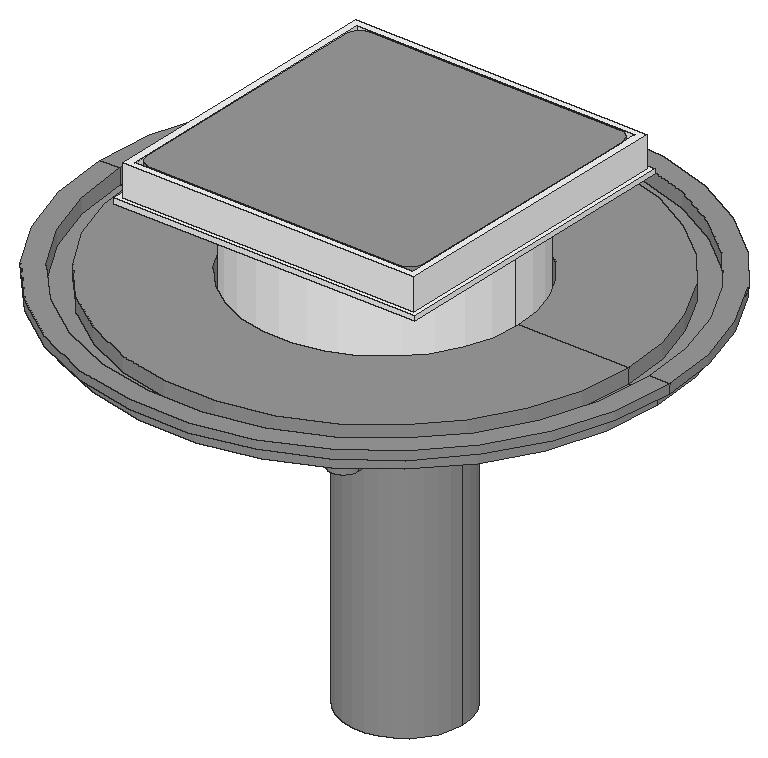
Revit family "HL_Трап для балконов и террас_HL92", category Instalační zařizovací předměty, Revit 2016
Family settings
  Typ součásti = Normální
  Kóta kulaté spojky = Použít průměr
  Číslo OmniClass = 23.70.50.21.24.14
  Nadpis OmniClass = Deck Waste Water Drains
  Založené na pracovní rovině = Ne
  Vždy vertikální = Ano
  Ořezat dutým tvarem při načtení = Ne
  Sdílené = Ne
  Bod výpočtu místnosti = Ano
Parameters (values of type "HL_Трап для балконов и террас_HL92")
  РЕШЁТКА = "Edelstahl 94x94mm"
  РАЗМЕР = "DN40"
  ПРОПУСКНАЯ СПОСОБНОСТЬ [instance] = 0.0 L/s
  ПРОИЗВОДИТЕЛЬНОСТЬ = "0,5 l/s"
  ПРАВОВАЯ ИНФОРМАЦИЯ = "\"Авторские права(©), права на дизайн или какие либо другие права интелектуальной собственности являются исключительной собственностью компании HL Hutterer & Lechner. Изменению не подлежит. Файл семейства с данными о прозводителе изделия защищен паролем с водяным знаком.\""
  НОМИНАЛЬНЫЙ ДИАМЕТР = 40 mm
  НАСАДКА = "12-38mm/100x100mm"
  МАТЕРИАЛ = "PE"
  МАКСИМАЛЬНАЯ НАГРУЗКА КЛАССА = "K3 -300kg"
  ВЫСОТА МОНТАЖА = "52mm"
  ВЕС = "0,31 kg"
  Výrobce = "HL Hutterer & Lechner GmbH"
  URL = "http://www.hutterer-lechner.com/ru/products/catalog/roof-drains/HL92.aspx"
  Материал плитка [instance] = none
  Připojení ventilace = no
  Připojení odpadu = yes
  Připojení HW = no
  Připojení CW = no
  Popis = "Трап для балконов и террас"
  Model = "HL92"
  Assembly Code = " "
  Komentáře k typům = "Трап для балконов и террасс DN40 вертикальный 100х100мм/94х94мм"
  Keynote = "HL92"
  Высота монтажа 2 [instance] = 0 mm
  Высота монтажа 1 [instance] = 38 mm
  IH [instance] = Высота монтажа 1 + Высота монтажа 2  # 38 mm
  Угол установки = 0.00°
  G [instance] = if(Угол установки = 0.00°, 180.00°, 90.00°)  # 180.00°
  F [instance] = if(and(Угол установки = 0.00°, НОМИНАЛЬНЫЙ ДИАМЕТР = 40 mm), 7 mm, 12 mm)  # 7 mm
  EAN = "9003076700929"
  D [instance] = 94 mm  # constant formula
  C [instance] = if(IH - 68 mm < 0 mm, 0 mm, IH - 68 mm)  # 0 mm
  B [instance] = IH + 36 mm  # 74 mm
  A [instance] = if(B - 100 mm > 15 mm, B - 100 mm, 15 mm)  # 15 mm
Reference planes
  plane 1 "Center (Front/Back)": y = 0
  plane 2: z = 0
  plane 3 "Center (Left/Right)": x = 0
  plane 4: z = -74
  plane 5: z = -38
  plane 6: x = 7
  plane 7: z = -38
Lines and regions (mm)
  model lines, style "InvisibleLines"
    curve 1: line (0, 0, 0) -> (0, 0, 20)
  model lines, style "PlumbingFixtures", not visible, detail levels coarse+medium
    curve 2: line (0, 0, -74) -> (0, 0, -59)
  model lines, style "PlumbingFixtures", detail levels coarse+medium
    curve 3: line (0, 0, -59) -> (-59, 0, 0)
    curve 4: line (0, 0, -59) -> (59, 0, 0)
    curve 6: line (7, 0, -74) -> (7, 0, -168)
    curve 23: line (0, 0, -74) -> (0, 0, -59)
    curve 24: line (7, 0, -74) -> (0, 0, -74)
  reference lines, not visible
    curve 5: line (7, 0, -74) -> (7, 0, -168)
  symbolic lines, style "PlumbingFixtures", detail levels coarse+medium
    curve 7: line (-75, 75, 0) -> (75, 75, 0)
    curve 8: line (-75, -75, 0) -> (-75, 75, 0)
    curve 9: line (75, -75, 0) -> (-75, -75, 0)
    curve 10: line (75, 75, 0) -> (75, -75, 0)
    curve 11: line (-75, 75, 0) -> (-145.711, 145.711, 0)
    curve 12: line (75, 75, 0) -> (145.711, 145.711, 0)
    curve 13: line (-75, -75, 0) -> (-145.711, -145.711, 0)
    curve 14: line (75, -75, 0) -> (145.711, -145.711, 0)
  symbolic lines, style "PlumbingFixtures", not visible, detail levels coarse+medium
    curve 15: line (-75, 75, 0) -> (75, 75, 0)
    curve 16: line (-75, -75, 0) -> (-75, 75, 0)
    curve 17: line (75, -75, 0) -> (-75, -75, 0)
    curve 18: line (75, 75, 0) -> (75, -75, 0)
    curve 19: line (-75, 75, 0) -> (-145.711, 145.711, 0)
    curve 20: line (75, 75, 0) -> (145.711, 145.711, 0)
    curve 21: line (-75, -75, 0) -> (-145.711, -145.711, 0)
    curve 22: line (75, -75, 0) -> (145.711, -145.711, 0)
Text (mm)
  text "FLOOR" at (-162.344, 0, -10.979), in view "вид строительства"
Dimensions and locks
  "B": plane 2 to plane 4
  "IH": plane 2 to plane 5
  "A": curve 4 to plane 4
  "D": curve 5 to curve 5
  "D": curve 6 to curve 6
  "F": plane 6 to plane 3 "Center (Left/Right)"
  "Высота монтажа 1": plane 2 to plane 7
  locked: curve 4 to plane 3 "Center (Left/Right)" (angle 45.00°)
  locked: plane 3 "Center (Left/Right)" to curve 3 (angle 45.00°)
  "G": angle curve 5 to plane 3 "Center (Left/Right)"
  aligned and locked: level to plane 2
  aligned and locked: plane 2 to curve 4
  aligned and locked: plane 2 to curve 3
  aligned and locked: plane 4 to curve 2
  aligned and locked: plane 4 to curve 5
  aligned and locked: plane 6 to curve 5
  aligned and locked: curve 6 to curve 5
  aligned and locked: plane 3 "Center (Left/Right)" to nested 2
  aligned and locked: plane 2 to nested 2
  aligned and locked: plane 3 "Center (Left/Right)" to nested 3
  aligned and locked: nested 1 to plane 5
  aligned and locked: plane 3 "Center (Left/Right)" to nested 1
  aligned and locked: plane 3 "Center (Left/Right)" to nested 4
  aligned and locked: plane 2 to nested 4
Automatic sketch dimensions
  curve 2 to plane 3 "Center (Left/Right)" = 0 mm
  curve 1 to plane 3 "Center (Left/Right)" = 0 mm
  curve 24 to plane 6 = 0 mm
  curve 1 to level = 0 mm
  level to curve 1 = 20 mm
  curve 6 to curve 5 = 0 mm
Nested families
  nested 1: "HL-Корпус трапа-HL92" at (7, 0, -38) x (-1, 0, 0) z (0, 0, 1), type "HL-Корпус трапа-HL92"
    with Высота монтажа 0 mm, DN 40 mm
  nested 2: "HL-Решетка для сливного отверстия-HL080.1E" at (0, 0, 0), type "HL-Решетка для сливного отверстия-HL080.1E"
  nested 3: "HL-Песколовка-HL091.3E" at (0, 0, -6.5), type "HL-Песколовка-HL091.3E"
  nested 4: "HL-Насадные подрамники-HL091.2E" at (0, 0, 0), Высота монтажа <- "Высота монтажа 1", type "HL-Насадные подрамники-HL091.2E"
    with Высота монтажа 38 mm
Connectors
  piping at (7, 0, -168), diameter 40, driven by "ПРОПУСКНАЯ СПОСОБНОСТЬ", driven by "НОМИНАЛЬНЫЙ ДИАМЕТР"
    settings: on curve 5, index 1, connector inside diameter 609.6 mm, connector length 0 mm, flow factor 0, pipe flow 0.0 L/s, pressure drop 0.0 Pa, fitting loss kfactor 0, connector angle 0.00°, fixture units 0, engagement length 0 mm, angle of deflection 0.00°, flow configuration 1, flow direction 2, fitting loss method 0, system type 16, joint type 0, gender type 0, connector reference index -1, connector utility 0, adjustable connector yes, is connector primary yes, connector description ""
Definition of nested family "HL-Корпус трапа-HL92"
  Parameters (values of type "HL-Корпус трапа-HL92")
    РЕШЁТКА = "Edelstahl 94x94mm"
    РАЗМЕР = "DN40"
    ПРОИЗВОДИТЕЛЬНОСТЬ = "0,5 l/s"
    ПРАВОВАЯ ИНФОРМАЦИЯ = "\"Авторские права(©), права на дизайн или какие либо другие права интелектуальной собственности являются исключительной собственностью компании HL Hutterer & Lechner. Изменению не подлежит. Файл семейства с данными о прозводителе изделия защищен паролем с водяным знаком.\""
    НАСАДКА = "12-38mm/100x100mm"
    МАТЕРИАЛ = "PE"
    МАКСИМАЛЬНАЯ НАГРУЗКА КЛАССА = "K3 -300kg"
    ВЫСОТА МОНТАЖА = "52mm"
    ВЕС = "0,31 kg"
    Manufacturer = "HL Hutterer & Lechner GmbH"
    URL = "http://www.hutterer-lechner.com/ru/products/catalog/roof-drains/HL92.aspx"
    Description = "Корпус трапа"
    Model = "HL92"
    Материал = none
    материал 2 = none
    Type Comments = "Трап для балконов и террасс DN40 вертикальный 100х100мм/94х94мм"
    Keynote = "HL92"
    Высота монтажа [instance] = 0 mm
    EAN = "9003076700929"
    DN [instance] = 40 mm
    Cost = 0
  Reference planes
    plane 1 "Střed (vpředu/vzadu)": y = 0
    plane 2: z = 0
    plane 3 "Střed (vlevo/vpravo)": x = 0
    plane 4: x = 7
  Forms (mm)
    Revolve 1, solid, material <- "Материал", detail levels fine
      sketch origin (0, 0, 0) x (1, 0, 0) y (0, 0, 1)
        loop
          line (-39.242, 0) -> (-77.026, 0) -> (-77.026, -5) -> (-84.111, -5) -> (-84.111, 0) -> (-91.029, 0) -> (-91.029, -3) -> (-87.012, -3) -> (-87.012, -8) -> (-73.958, -8) -> (-73.958, -3) -> (-67.148, -3) -> (-67.148, -5.975) -> (-64.692, -5.975) -> (-64.692, -3) -> (-41.523, -3) -> (-41.523, -26.009)
          arc (-41.523, -26.009) -> (-38.597, -33.074) -> (-31.532, -36) r 9.991
          line (-31.532, -36) -> (6.977, -36) -> (6.977, -34) -> (-31.133, -34)
          arc (-31.133, -34) -> (-36.867, -31.625) -> (-39.242, -25.891) r 8.109
          line (-39.242, -25.891) -> (-39.242, 0)
        axis (6.977, 0) -> (6.977, -36)
      angle from 0 to 360
    Extrusion 2, solid, material <- "Материал", detail levels fine
      sketch origin (0, 0, 0) x (1, 0, 0) y (0, 1, 0)
        loop
          circle (0, 0) r 20
      from -130 to -34
    Extrusion 3, solid, material <- "Материал", detail levels fine
      sketch origin (0, 0, 0) x (1, 0, 0) y (0, 1, 0)
        loop
          circle (-66, 0) r 5
        loop
          circle (43.5, 63.22) r 5
        loop
          circle (43.5, -63.22) r 5
        loop
          circle (-29.5, -63.22) r 5
        loop
          circle (-29.5, 63.22) r 5
        loop
          circle (80, 0) r 5
      from -19.017 to -3
  Cuts and joins
    joined: Revolve 1, Extrusion 2, Extrusion 3
  Dimensions and locks
    Revolve 1 sketch curve to Revolve 1 sketch curve = 48.5 mm
    locked: plane 2 to Extrusion 2 at 130
    Extrusion 3 sketch curve to plane 4 = 73 mm
    plane 4 to plane 3 "Střed (vlevo/vpravo)" = 7 mm
    Revolve 1 sketch curve to plane 3 "Střed (vlevo/vpravo)" = 91.029 mm
    "DN": diameter of Extrusion 2 sketch curve
    aligned and locked: level to plane 2
    aligned and locked: Revolve 1 sketch curve to Revolve 1 sketch curve
  Automatic sketch dimensions
    plane 1 "Střed (vpředu/vzadu)" to Extrusion 3 sketch curve = 0 mm  (x2)
    Extrusion 3 sketch curve to plane 3 "Střed (vlevo/vpravo)" = 29.5 mm  (x2)
    plane 4 to Extrusion 3 sketch curve = 36.5 mm  (x2)
    Extrusion 3 sketch curve to Extrusion 3 sketch curve = 36.5 mm
    plane 1 "Střed (vpředu/vzadu)" to Extrusion 3 sketch curve = 63.22 mm  (x2)
    Extrusion 3 sketch curve to plane 1 "Střed (vpředu/vzadu)" = 63.22 mm  (x2)
    Revolve 1 sketch curve to level = 0 mm  (x2)
    Revolve 1 sketch curve to level = 3 mm  (x2)
    Revolve 1 sketch curve to Revolve 1 sketch curve = 4.017 mm
    Revolve 1 sketch curve to Revolve 1 sketch curve = 2.901 mm
    Revolve 1 sketch curve to Revolve 1 sketch curve = 7.085 mm
    Revolve 1 sketch curve to Revolve 1 sketch curve = 3.068 mm
    Revolve 1 sketch curve to Revolve 1 sketch curve = 6.81 mm
    Revolve 1 sketch curve to Revolve 1 sketch curve = 2.456 mm
    Revolve 1 sketch curve to Revolve 1 sketch curve = 23.169 mm
    Revolve 1 sketch curve to Revolve 1 sketch curve = 2.282 mm
    Revolve 1 sketch curve to Revolve 1 sketch curve = 7.71 mm
    Revolve 1 sketch curve to Revolve 1 sketch curve = 0.399 mm
    Revolve 1 sketch curve to Revolve 1 sketch curve = 0 mm
    Revolve 1 sketch curve to Revolve 1 sketch curve = 2 mm
    Revolve 1 sketch curve to Revolve 1 sketch curve = 2.975 mm
    Revolve 1 sketch curve to Revolve 1 sketch curve = 3 mm
    Revolve 1 sketch curve to Revolve 1 sketch curve = 22.891 mm
    Revolve 1 sketch curve to Revolve 1 sketch curve = 0.117 mm
    Revolve 1 sketch curve to level = 11.685 mm
    Revolve 1 sketch curve to Revolve 1 sketch curve = 10 mm
    plane 1 "Střed (vpředu/vzadu)" to Extrusion 2 sketch curve = 0 mm
    Extrusion 2 sketch curve to plane 3 "Střed (vlevo/vpravo)" = 0 mm
    radius of Extrusion 3 sketch curve = 5 mm  (x6)
Definition of nested family "HL-Решетка для сливного отверстия-HL080.1E"
  Parameters (values of type "HL-Решетка для сливного отверстия-HL080.1E")
    РАЗМЕР = "94x94 mm"
    ПРАВОВАЯ ИНФОРМАЦИЯ = "\"Авторские права(©), права на дизайн или какие либо другие права интелектуальной собственности являются исключительной собственностью компании HL Hutterer & Lechner. Изменению не подлежит. Файл семейства с данными о прозводителе изделия защищен паролем с водяным знаком.\""
    МАТЕРИАЛ = "Edelstahl"
    МАКСИМАЛЬНАЯ НАГРУЗКА КЛАССА = "K3 - 300 kg"
    ВЕС = "0,106 kg"
    Manufacturer = "HL Hutterer & Lechner GmbH"
    URL = "http://www.hutterer-lechner.com/ru/products/catalog/roof-drains/HL080.1E.aspx"
    Description = "Решетка для сливного отверстия"
    Model = "HL080.1E"
    Материал = none
    Type Comments = "Решетка для сливного отверстия из высококачественной стали 94х94мм"
    Keynote = "HL080.1E"
    Высота монтажа [instance] = 0 mm
    EAN = "9003076008018"
    Cost = 0
  Reference planes
    plane 1 "Střed (vpředu/vzadu)": y = 0
    plane 2: z = 0
    plane 3 "Střed (vlevo/vpravo)": x = 0
  Forms (mm)
    Extrusion 1, solid, material <- "Материал", detail levels fine
      sketch origin (0, 0, 0) x (1, 0, 0) y (0, 1, 0)
        loop
          arc (-42.5, 47.5) -> (-46.036, 46.036) -> (-47.5, 42.5) r 5
          line (-47.5, 42.5) -> (-47.5, -42.5)
          arc (-47.5, -42.5) -> (-46.036, -46.036) -> (-42.5, -47.5) r 5
          line (-42.5, -47.5) -> (42.5, -47.5)
          arc (42.5, -47.5) -> (46.036, -46.036) -> (47.5, -42.5) r 5
          line (47.5, -42.5) -> (47.5, 42.5)
          arc (47.5, 42.5) -> (46.036, 46.036) -> (42.5, 47.5) r 5
          line (42.5, 47.5) -> (-42.5, 47.5)
      from 0 to -5
  Lines and regions (mm)
    model lines, detail levels fine
      curve 1: line (-24.395, 30.759, 0) -> (-8.839, 15.203, 0)
      curve 2: line (-3.889, 20.153, 0) -> (-19.445, 35.709, 0)
      curve 3: line (-3.5, 33.5, 0) -> (-3.5, 29.49, 0)
      curve 4: line (3.5, 29.49, 0) -> (3.5, 33.5, 0)
      curve 5: line (-15.203, 8.839, 0) -> (-30.759, 24.395, 0)
      curve 6: line (-35.684, 19.471, 0) -> (-20.127, 3.914, 0)
      curve 7: arc (-20.127, 3.914, 0) -> (-15.203, 3.914, 0) -> (-15.203, 8.839, 0) r 3.482
      curve 8: arc (-35.684, 19.471, 0) -> (-35.684, 24.395, 0) -> (-30.759, 24.395, 0) r 3.482
      curve 9: arc (-8.839, 15.203, 0) -> (-3.889, 15.203, 0) -> (-3.889, 20.153, 0) r 3.5
      curve 10: arc (-24.395, 30.759, 0) -> (-24.395, 35.709, 0) -> (-19.445, 35.709, 0) r 3.5
      curve 11: arc (-3.5, 29.49, 0) -> (0, 25.99, 0) -> (3.5, 29.49, 0) r 3.5
      curve 12: arc (3.5, 33.5, 0) -> (0, 37, 0) -> (-3.5, 33.5, 0) r 3.5
      curve 13: line (30.759, -24.395, 0) -> (15.203, -8.839, 0)
      curve 14: line (20.153, -3.889, 0) -> (35.709, -19.445, 0)
      curve 15: line (33.5, -3.5, 0) -> (29.49, -3.5, 0)
      curve 16: line (29.49, 3.5, 0) -> (33.5, 3.5, 0)
      curve 17: line (8.839, -15.203, 0) -> (24.395, -30.759, 0)
      curve 18: line (19.471, -35.684, 0) -> (3.914, -20.127, 0)
      curve 19: arc (3.914, -20.127, 0) -> (3.914, -15.203, 0) -> (8.839, -15.203, 0) r 3.482
      curve 20: arc (19.471, -35.684, 0) -> (24.395, -35.684, 0) -> (24.395, -30.759, 0) r 3.482
      curve 21: arc (15.203, -8.839, 0) -> (15.203, -3.889, 0) -> (20.153, -3.889, 0) r 3.5
      curve 22: arc (30.759, -24.395, 0) -> (35.709, -24.395, 0) -> (35.709, -19.445, 0) r 3.5
      curve 23: arc (29.49, -3.5, 0) -> (25.99, 0, 0) -> (29.49, 3.5, 0) r 3.5
      curve 24: arc (33.5, 3.5, 0) -> (37, 0, 0) -> (33.5, -3.5, 0) r 3.5
      curve 25: line (-30.759, -24.395, 0) -> (-15.203, -8.839, 0)
      curve 26: line (-20.153, -3.889, 0) -> (-35.709, -19.445, 0)
      curve 27: line (-33.5, -3.5, 0) -> (-29.49, -3.5, 0)
      curve 28: line (-29.49, 3.5, 0) -> (-33.5, 3.5, 0)
      curve 29: line (-8.839, -15.203, 0) -> (-24.395, -30.759, 0)
      curve 30: line (-19.471, -35.684, 0) -> (-3.914, -20.127, 0)
      curve 31: arc (-3.914, -20.127, 0) -> (-3.914, -15.203, 0) -> (-8.839, -15.203, 0) r 3.482
      curve 32: arc (-19.471, -35.684, 0) -> (-24.395, -35.684, 0) -> (-24.395, -30.759, 0) r 3.482
      curve 33: arc (-15.203, -8.839, 0) -> (-15.203, -3.889, 0) -> (-20.153, -3.889, 0) r 3.5
      curve 34: arc (-30.759, -24.395, 0) -> (-35.709, -24.395, 0) -> (-35.709, -19.445, 0) r 3.5
      curve 35: arc (-29.49, -3.5, 0) -> (-25.99, 0, 0) -> (-29.49, 3.5, 0) r 3.5
      curve 36: arc (-33.5, 3.5, 0) -> (-37, 0, 0) -> (-33.5, -3.5, 0) r 3.5
      curve 37: line (24.395, 30.759, 0) -> (8.839, 15.203, 0)
      curve 38: line (3.889, 20.153, 0) -> (19.445, 35.709, 0)
      curve 39: line (15.203, 8.839, 0) -> (30.759, 24.395, 0)
      curve 40: line (35.684, 19.471, 0) -> (20.127, 3.914, 0)
      curve 41: arc (20.127, 3.914, 0) -> (15.203, 3.914, 0) -> (15.203, 8.839, 0) r 3.482
      curve 42: arc (35.684, 19.471, 0) -> (35.684, 24.395, 0) -> (30.759, 24.395, 0) r 3.482
      curve 43: arc (8.839, 15.203, 0) -> (3.889, 15.203, 0) -> (3.889, 20.153, 0) r 3.5
      curve 44: arc (24.395, 30.759, 0) -> (24.395, 35.709, 0) -> (19.445, 35.709, 0) r 3.5
      curve 45: line (-3.5, -33.5, 0) -> (-3.5, -29.49, 0)
      curve 46: line (3.5, -29.49, 0) -> (3.5, -33.5, 0)
      curve 47: arc (-3.5, -29.49, 0) -> (0, -25.99, 0) -> (3.5, -29.49, 0) r 3.5
      curve 48: arc (3.5, -33.5, 0) -> (0, -37, 0) -> (-3.5, -33.5, 0) r 3.5
  Dimensions and locks
    aligned and locked: level to plane 2
Definition of nested family "HL-Песколовка-HL091.3E"
  Parameters (values of type "HL-Песколовка-HL091.3E")
    ПРАВОВАЯ ИНФОРМАЦИЯ = "\"Авторские права(©), права на дизайн или какие либо другие права интелектуальной собственности являются исключительной собственностью компании HL Hutterer & Lechner. Изменению не подлежит. Файл семейства с данными о прозводителе изделия защищен паролем с водяным знаком.\""
    МАТЕРИАЛ = "PP"
    ВЕС = "0,021 kg"
    Manufacturer = "HL Hutterer & Lechner GmbH"
    URL = "http://www.hutterer-lechner.com/ru/products/catalog/roof-drains/HL091.3E.aspx"
    Description = "Песколовка"
    Model = "HL091.3E"
    Материал = none
    Type Comments = "Песколовка (HL92)"
    Keynote = "HL091.3E"
    Высота монтажа [instance] = 0 mm
    EAN = "9003076009138"
    Cost = 0
  Reference planes
    plane 1 "Střed (vpředu/vzadu)": y = 0
    plane 2: z = 0
    plane 3 "Střed (vlevo/vpravo)": x = 0
  Forms (mm)
    Revolve 1, solid, material <- "Материал", detail levels fine
      sketch origin (0, 0, 0) x (1, 0, 0) y (0, 0, 1)
        loop
          line (0, -30) -> (0, -28.385) -> (-40.179, -28.385) -> (-40.179, 0) -> (-44.713, 0) -> (-44.713, -1.5) -> (-41.5, -1.5) -> (-41.5, -30) -> (0, -30)
        axis (0, 0) -> (0, -30)
      angle from 0 to 360
    Extrusion 2, solid, material <- "Материал", detail levels fine
      sketch origin (0, 0, 0) x (1, 0, 0) y (0, 0, 1)
        loop
          line (-13.991, -28.385) -> (13.991, -28.385) -> (7, -17) -> (-7, -17) -> (-13.991, -28.385)
      from -1 to 1
  Dimensions and locks
    aligned and locked: level to plane 2
Definition of nested family "HL-Насадные подрамники-HL091.2E"
  Parameters (values of type "HL-Насадные подрамники-HL091.2E")
    РАЗМЕР = "d 86 mm"
    ПРАВОВАЯ ИНФОРМАЦИЯ = "\"Авторские права(©), права на дизайн или какие либо другие права интелектуальной собственности являются исключительной собственностью компании HL Hutterer & Lechner. Изменению не подлежит. Файл семейства с данными о прозводителе изделия защищен паролем с водяным знаком.\""
    НАСАДКА = "100x100 mm"
    МАТЕРИАЛ = "PP"
    ВЕС = "0,051 kg"
    Manufacturer = "HL Hutterer & Lechner GmbH"
    URL = "http://www.hutterer-lechner.com/ru/products/catalog/roof-drains/HL091.2E.aspx"
    Description = "Насадные подрамники"
    Model = "HL091.2E"
    Материал = none
    Type Comments = "Насадные подрамники d 89мм/50мм/100х100мм"
    Keynote = "HL091.2E"
    Высота монтажа [instance] = 37 mm
    EAN = "9003076009121"
    Cost = 0
  Reference planes
    plane 1 "Střed (vpředu/vzadu)": y = 0
    plane 2: z = 0
    plane 3 "Střed (vlevo/vpravo)": x = 0
  Forms (mm)
    Extrusion 1, solid, material <- "Материал", detail levels fine
      sketch origin (0, 0, 0) x (1, 0, 0) y (0, 1, 0)
        loop
          circle (0, 0) r 42.469
        loop
          circle (0, 0) r 45
      from -12.3 to -49.3
    Sweep 2, solid, material <- "Материал", detail levels fine
      path origin (0, 0, 0) x (1, 0, 0) y (0, 1, 0)
        loop
          line (-47.8, 47.8) -> (-47.8, -47.8) -> (47.8, -47.8) -> (47.8, 47.8) -> (-47.8, 47.8)
      profile origin (0, 47.8, 0) x (0, 1, 0) y (0, 0, 1)
        loop
          line (-20, -12.3) -> (3.9, -12.3) -> (3.9, -10.7) -> (2.3, -10.7) -> (2.3, 0) -> (0, 0) -> (0, -8) -> (-20, -8) -> (-20, -12.3)
    Extrusion 3, void
      sketch origin (0, 0, 0) x (1, 0, 0) y (0, 1, 0)
        loop
          circle (0, 0) r 42.469
      from -20 to 20
  Cuts and joins
    Extrusion 3 cuts Extrusion 1
    Extrusion 3 cuts Sweep 2
    joined: Extrusion 1, Sweep 2
  Dimensions and locks
    "Высота монтажа": cut or joined group of Extrusion 1, Sweep 2, Extrusion 3 to cut or joined group of Extrusion 1, Sweep 2, Extrusion 3
    locked: plane 2 to cut or joined group of Extrusion 1, Sweep 2, Extrusion 3 at 12.3
    aligned and locked: level to plane 2
  Automatic sketch dimensions
    Extrusion 1 sketch curve to Extrusion 1 sketch curve = 0 mm  (x2)
    plane 1 "Střed (vpředu/vzadu)" to Extrusion 1 sketch curve = 0 mm
    Extrusion 1 sketch curve to plane 3 "Střed (vlevo/vpravo)" = 0 mm
    Sweep 2 sketch curve to plane 3 "Střed (vlevo/vpravo)" = 47.8 mm
    plane 3 "Střed (vlevo/vpravo)" to Sweep 2 sketch curve = 47.8 mm
    plane 1 "Střed (vpředu/vzadu)" to Sweep 2 sketch curve = 47.8 mm
    Sweep 2 sketch curve to plane 1 "Střed (vpředu/vzadu)" = 47.8 mm
    Sweep 2 sketch curve to profile plane = 0 mm
    level to Sweep 2 sketch curve = 0 mm
    profile plane to Sweep 2 sketch curve = 20 mm
    Sweep 2 sketch curve to profile plane = 2.3 mm
    Sweep 2 sketch curve to Sweep 2 sketch curve = 1.6 mm  (x2)
    Sweep 2 sketch curve to level = 8 mm
    Sweep 2 sketch curve to Sweep 2 sketch curve = 2.7 mm
    plane 1 "Střed (vpředu/vzadu)" to Extrusion 3 sketch curve = 0 mm
    Extrusion 3 sketch curve to plane 3 "Střed (vlevo/vpravo)" = 0 mm
    radius of Extrusion 1 sketch curve = 42.469 mm
    radius of Extrusion 1 sketch curve = 45 mm
    radius of Extrusion 3 sketch curve = 42.469 mm
